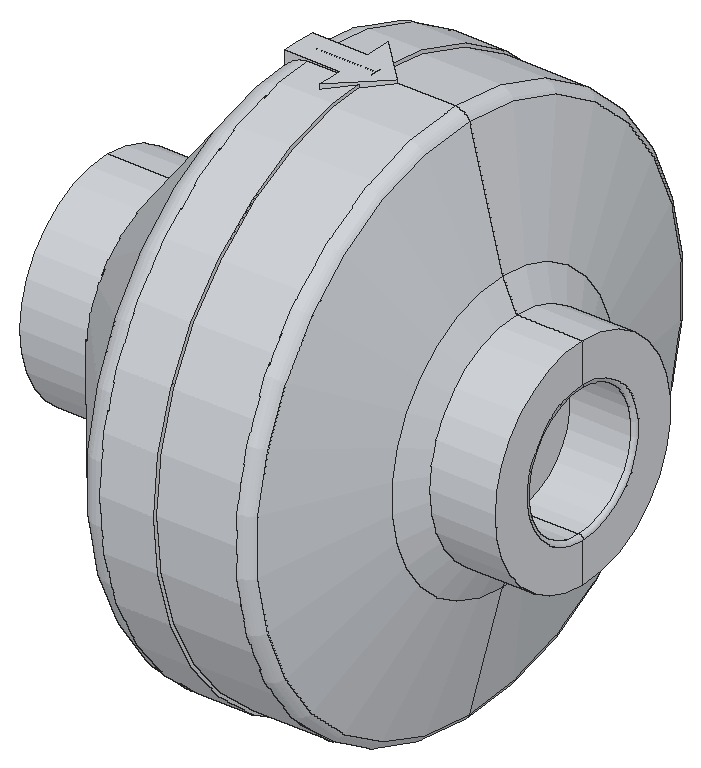
Revit family "1.Радиальный вентилятор для круглых каналов WNK", category Оборудование, Revit 2016
Family settings
  Тип детали = Нормальный
  Размер круглого соединителя = Использовать диаметр
  На основе рабочей плоскости = Нет
  Всегда вертикально = Да
  При загрузке вырезать с полостями = Нет
  Общий = Нет
  Точка расчета площади = Нет
Parameters (values of type "100/1")
  ножки(да/нет) [instance] = no
  Частотный преобразователь [instance] = no
  Частота вращения n, об/мин = "2450"
  Тип, марка, обозначение = "WNK 100/1"
  Сила тока J, А = "0.27"
  Регулятор расхода [instance] = no
  Раздел = "ОВ"
  Примечание = ""
  Позиция = ""
  Отступ = 30 mm
  Напряжение U,В = "1-220"
  Наименование и тех.хар-ка = "Радиальный вентилятор для круглых каналов"  # constant formula
  Мощность двигателя N,Вт = "0.06"
  Материал = Сталь серая
  Масса единицы = "2.6 кг"
  x = r * 0.6  # 29.7 mm
  r = d / 2  # 49.5 mm
  d = 99 mm
  Код, оборудования = ""
  Ключевая пометка = "Вентиляция"
  Задание электрикам [instance] = no
  Задание автоматчикам [instance] = no
  Завод изготовитель = "KORF"  # constant formula
  Единица измерения = "шт."  # constant formula
  R = D / 2  # 125.5 mm
  L = 215 mm
  D = 251 mm
Types (6, lengths in mm): name | Частота вращения n, об/мин | Тип, марка, обозначение | Сила тока J, А | Мощность двигателя N,Вт | Масса единицы | x | r | d | R | L | D
  100/1 | "2450" | "WNK 100/1" | "0.27" | "0.06" | "2.6 кг" | 29.7 | 49.5 | 99 | 125.5 | 215 | 251
  125/1 | "2450" | "WNK 125/1" | "0.33" | "0.071" | "2.65 кг" | 37.2 | 62 | 124 | 125.5 | 220 | 251
  160/1 | "2550" | "WNK 160/1" | "0.48" | "0.105" | "4 кг" | 47.7 | 79.5 | 159 | 170 | 230 | 340
  200/1 | "2600" | "WNK 200/1" | "0.72" | "0.157" | "4.6 кг" | 59.7 | 99.5 | 199 | 170 | 250 | 340
  250/1 | "2500" | "WNK 250/1" | "1.05" | "0.23" | "5 кг" | 74.7 | 124.5 | 249 | 170 | 250 | 340
  315/1 | "2500" | "WNK 315/1" | "1.34" | "0.295" | "6.6 кг" | 94.2 | 157 | 314 | 202.5 | 285 | 405
Reference planes
  plane 1 "По центру (Вперед/Назад)": y = 0
  plane 2: z = 0
  plane 3 "По центру (Влево/Вправо)": x = 0
  plane 4: x = -107.5
  plane 5: x = 107.5
  plane 6: x = -77.5
  plane 7: x = 77.5
  plane 8: z = 49.5
  plane 9: z = 125.5
  plane 10: y = 45
  plane 11: y = -45
  plane 12: z = 29.7
  plane 13: z = 110.5
  plane 14: y = 125.5
  plane 15: y = -125.5
  plane 16: z = -125.5
  plane 17: z = 125.5
Forms (mm)
  Extrusion 1, void, not visible
    sketch origin (-345, -245, 50) x (0, -1, 0) y (0, 0, -1)
      loop
        line (-477.965, -475) -> (-477.965, -450) -> (-528.913, -450) -> (-528.913, -475) -> (-477.965, -475)
    from -47.452 to 12
  Revolve 2, solid, detail levels fine
    sketch origin (0, 0, 0) x (1, 0, 0) y (0, 0, 1)
      loop
        arc (-107.5, 31.659) -> (-106.926, 30.274) -> (-105.541, 29.7) r 1.959
        line (-105.541, 29.7) -> (-77.5, 29.7) -> (-77.5, 0) -> (77.5, 0) -> (77.5, 29.7) -> (105.6, 29.7)
        arc (105.6, 29.7) -> (106.943, 30.257) -> (107.5, 31.6) r 1.9
        line (107.5, 31.6) -> (107.5, 49.5) -> (77.5, 49.5) -> (71.161, 63.095) -> (56.234, 120.196)
        arc (56.234, 120.196) -> (53.585, 123.105) -> (49.801, 124.182) r 7.184
        line (49.801, 124.182) -> (13.779, 124.182) -> (13.779, 125.5) -> (-10.565, 125.5)
        arc (-10.565, 125.5) -> (-15.705, 124.376) -> (-19.907, 121.209) r 12.315
        line (-19.907, 121.209) -> (-77.863, 49.5) -> (-107.5, 49.5) -> (-107.5, 31.659)
      axis (107.5, 0) -> (-107.5, 0)
    angle from 0 to 360
  Extrusion 3, solid, not visible
    sketch origin (5, 0, 2.041) x (0, 1, 0) y (0, 0, 1)
      loop
        line (45, 112.959) -> (-45, 112.959) -> (-45, 82.959) -> (45, 82.959) -> (45, 112.959)
    from 0 to -69.911
  Extrusion 4, solid, not visible
    sketch origin (5, -2.888, -8.59) x (0, 0.352122, 0.935954) y (0, -0.935954, 0.352122)
      loop
        line (45, 114.532) -> (-19.8, 114.532) -> (-19.8, 90.2) -> (45, 90.2) -> (45, 114.532)
    from 0 to -69.911
  Sweep 5, solid, not visible
    path origin (5, 0, -1.25) x (0, 1, 0) y (0, 0, 1)
      loop
        line (-45, 97.266) -> (-60.734, 97.266)
        arc (-60.734, 97.266) -> (-72.348, 93.548) -> (-79.645, 83.777) r 20
        line (-79.645, 83.777) -> (-105.929, 7.442)
    profile origin (5, -52.867, 96.016) x (0, 0, -1) y (1, 0, 0)
      loop
        circle (0, -63.75) r 3
  Extrusion 6, solid, not visible
    sketch origin (0, 0, 47.041) x (0, 1, 0) y (0, 0, 1)
      loop
        line (45, 112.959) -> (-45, 112.959) -> (-45, 82.959) -> (45, 82.959) -> (45, 112.959)
    from 0 to -93.323
  Extrusion 7, solid, not visible
    sketch origin (0, -40.257, 23.842) x (0, 0.679881, 0.733322) y (0, -0.733322, 0.679881)
      loop
        line (45, 114.532) -> (-19.8, 114.532) -> (-19.8, 90.2) -> (45, 90.2) -> (45, 114.532)
    from 0 to -93.323
  Sweep 8, solid, not visible
    path origin (0, 0, 43.75) x (0, 1, 0) y (0, 0, 1)
      loop
        line (-45, 97.266) -> (-54.952, 97.266)
        arc (-54.952, 97.266) -> (-71.221, 93.808) -> (-84.677, 84.031) r 40
        line (-84.677, 84.031) -> (-132.472, 30.95)
    profile origin (0, -49.976, 141.016) x (0, 0, -1) y (1, 0, 0)
      loop
        circle (0, -63.75) r 3
  Extrusion 9, solid, detail levels fine
    sketch origin (0, 0, 0) x (1, 0, 0) y (0, 1, 0)
      loop
        line (23.125, 0) -> (3.823, 19.302) -> (3.823, 14.302) -> (3.823, 7.861) -> (-21.177, 7.861) -> (-21.177, 0) -> (-21.177, -7.861) -> (3.823, -7.861) -> (3.823, -14.302) -> (3.823, -19.302) -> (23.125, 0)
    from 0 to 125.5
Lines and regions (mm)
  model lines, detail levels coarse
    curve 1: line (-107.5, 125.5, 0) -> (107.5, 125.5, 0)
    curve 2: line (-107.5, -125.5, 0) -> (-107.5, 125.5, 0)
    curve 3: line (107.5, -125.5, 0) -> (-107.5, -125.5, 0)
    curve 4: line (107.5, 125.5, 0) -> (107.5, -125.5, 0)
    curve 5: circle (0, 0, 0) r 95 normal (0, 0, 1)
    curve 6: line (95, 0, 0) -> (-55.84, 76.857, 0)
    curve 7: line (-55.84, 76.857, 0) -> (-55.84, -76.857, 0)
    curve 8: line (-55.84, -76.857, 0) -> (95, 0, 0)
  model lines, not visible, detail levels coarse
    curve 9: circle (0, 0, 0) r 95 normal (0, 0, 1)
    curve 10: line (95, 0, 0) -> (-55.84, 76.857, 0)
    curve 11: line (-55.84, 76.857, 0) -> (-55.84, -76.857, 0)
    curve 12: line (-55.84, -76.857, 0) -> (95, 0, 0)
  model lines, detail levels medium
    curve 13: line (-107.5, 0, 125.5) -> (107.5, 0, 125.5)
    curve 14: line (-107.5, 0, -125.5) -> (-107.5, 0, 125.5)
    curve 15: line (107.5, 0, -125.5) -> (-107.5, 0, -125.5)
    curve 16: line (107.5, 0, 125.5) -> (107.5, 0, -125.5)
    curve 17: circle (0, 0, 0) r 75 normal (0, -1, 0)
    curve 18: line (75, 0, 0) -> (-46.678, 0, 58.704)
    curve 19: line (-47.5, 0, 58.041) -> (-47.5, 0, -58.041)
    curve 20: line (-46.678, 0, -58.704) -> (75, 0, 0)
  model lines, not visible, detail levels medium
    curve 21: circle (0, 0, 0) r 75 normal (0, -1, 0)
    curve 22: line (75, 0, 0) -> (-46.678, 0, 58.704)
    curve 23: line (-47.5, 0, 58.041) -> (-47.5, 0, -58.041)
    curve 24: line (-46.678, 0, -58.704) -> (75, 0, 0)
Dimensions and locks
  equal spacing: plane 5, plane 3 "По центру (Влево/Вправо)", plane 4
  "L": plane 5 to plane 4
  "Отступ": plane 6 to plane 4
  "Отступ": plane 5 to plane 7
  "r": plane 8 to level
  "R": plane 9 to level
  equal spacing: plane 10, plane 1 "По центру (Вперед/Назад)", plane 11
  plane 10 to plane 11 = 90 mm
  "x": plane 12 to level
  plane 9 to plane 13 = 15 mm
  locked: Extrusion 4 sketch curve to Extrusion 4 sketch curve at 24.332
  locked: Extrusion 4 sketch curve to Extrusion 4 sketch curve at 64.8
  locked: Extrusion 3 sketch curve to Extrusion 3 sketch curve at 30
  locked: Extrusion 7 sketch curve to Extrusion 7 sketch curve at 24.332
  locked: Extrusion 7 sketch curve to Extrusion 7 sketch curve at 64.8
  locked: Extrusion 6 sketch curve to Extrusion 6 sketch curve at 30
  equal spacing: plane 14, plane 1 "По центру (Вперед/Назад)", plane 15
  "D": plane 14 to plane 15
  equal spacing: plane 17, level, plane 16
  "D": plane 17 to plane 16
  aligned and locked: level to plane 2
  aligned and locked: plane 4 to Revolve 2 sketch curve
  aligned and locked: Revolve 2 sketch curve to plane 5
  aligned and locked: Revolve 2 sketch curve to plane 8  (x2)
  aligned and locked: Revolve 2 sketch curve to plane 9
  aligned and locked: Revolve 2 sketch curve to plane 12
  aligned and locked: plane 12 to Revolve 2 sketch curve
  aligned and locked: plane 9 to Extrusion 9
  aligned and locked: curve 1 to plane 14
  aligned and locked: plane 4 to curve 2
  aligned and locked: curve 3 to plane 15
  aligned and locked: curve 4 to plane 5
  aligned and locked: plane 17 to curve 13
  aligned and locked: plane 4 to curve 14
  aligned and locked: curve 15 to plane 16
  aligned and locked: curve 16 to plane 5
Automatic sketch dimensions
  Sweep 5 sketch curve to Sweep 5 sketch curve = 18.91 mm
  Sweep 5 sketch curve to Sweep 5 sketch curve = 6.511 mm
  Sweep 5 sketch curve to profile plane = 0 mm
  Extrusion 3 sketch curve to Extrusion 3 sketch curve = 90 mm
  Sweep 5 sketch curve to Sweep 5 sketch curve = 26.284 mm
  Sweep 5 sketch curve to Sweep 5 sketch curve = 15.734 mm
  Sweep 5 sketch curve to Sweep 5 sketch curve = 76.336 mm
  Sweep 5 sketch curve to profile plane = 63.75 mm
  Sweep 8 sketch curve to profile plane = 0 mm
  Extrusion 6 sketch curve to Extrusion 6 sketch curve = 90 mm
  Sweep 8 sketch curve to profile plane = 63.75 mm
  Sweep 8 sketch curve to Sweep 8 sketch curve = 29.726 mm
  Sweep 8 sketch curve to Sweep 8 sketch curve = 47.795 mm
  Sweep 8 sketch curve to Sweep 8 sketch curve = 26.765 mm
  Sweep 8 sketch curve to Sweep 8 sketch curve = 9.952 mm
  Sweep 8 sketch curve to Sweep 8 sketch curve = 53.081 mm
  Revolve 2 sketch curve to level = 0 mm  (x2)
  Revolve 2 sketch curve to plane 6 = 0 mm
  Revolve 2 sketch curve to plane 7 = 0 mm  (x2)
  Revolve 2 sketch curve to Revolve 2 sketch curve = 1.959 mm
  Revolve 2 sketch curve to plane 6 = 0.363 mm
  Revolve 2 sketch curve to plane 9 = 4.291 mm
  Revolve 2 sketch curve to plane 3 "По центру (Влево/Вправо)" = 19.907 mm
  Revolve 2 sketch curve to Revolve 2 sketch curve = 9.342 mm
  Revolve 2 sketch curve to plane 9 = 1.318 mm
  plane 3 "По центру (Влево/Вправо)" to Revolve 2 sketch curve = 13.779 mm
  Revolve 2 sketch curve to plane 7 = 27.699 mm
  Revolve 2 sketch curve to plane 9 = 5.304 mm
  Revolve 2 sketch curve to Revolve 2 sketch curve = 6.433 mm
  Revolve 2 sketch curve to plane 5 = 1.9 mm
  Revolve 2 sketch curve to plane 4 = 60 mm
  Revolve 2 sketch curve to plane 7 = 6.339 mm
  plane 5 to Revolve 2 sketch curve = 40 mm
  plane 8 to Revolve 2 sketch curve = 13.595 mm
  plane 1 "По центру (Вперед/Назад)" to Extrusion 9 sketch curve = 0 mm  (x2)
  Extrusion 9 sketch curve to plane 3 "По центру (Влево/Вправо)" = 21.177 mm
  plane 3 "По центру (Влево/Вправо)" to Extrusion 9 sketch curve = 3.823 mm  (x2)
  Extrusion 9 sketch curve to Extrusion 9 sketch curve = 19.302 mm
  plane 1 "По центру (Вперед/Назад)" to Extrusion 9 sketch curve = 7.861 mm
  Extrusion 9 sketch curve to Extrusion 9 sketch curve = 6.441 mm
  Extrusion 9 sketch curve to Extrusion 9 sketch curve = 5 mm  (x2)
  Extrusion 9 sketch curve to plane 1 "По центру (Вперед/Назад)" = 7.861 mm
  curve 17 to curve 20 = 75 mm
  curve 17 to curve 18 = 0 mm
  curve 20 to curve 17 = 46.678 mm
  curve 18 to curve 17 = 46.678 mm
  curve 19 to curve 20 = 0.822 mm
  curve 21 to curve 24 = 75 mm
  curve 21 to curve 22 = 0 mm
  curve 24 to curve 21 = 46.678 mm
  curve 22 to curve 21 = 46.678 mm
  curve 23 to curve 24 = 0.822 mm
  radius of Sweep 5 sketch curve = 3 mm
  radius of Sweep 8 sketch curve = 3 mm
Nested families
  nested 1: "крепление 15мм" at (-330, 229.965, 495), type "крепление 15мм", not visible
Connectors
  hvac at (107.5, 0, 0), driven by "d"
    settings: on Revolve 2, index 1, duct flow 0.0 L/s, flow factor 0, pres drop 0.0 Pa, loss coef 0, conn angle 0.00°, conn width 304.8 mm, conn height 304.8 mm, conn diameter 99 mm, duct sys type 28, conn prof type 0, flow config 0, flow direction 0, loss method 0, conn ref index 2, conn util no, is conn primary yes, conn desc ""
  hvac at (-107.5, 0, 0), driven by "d"
    settings: on Revolve 2, index 2, duct flow 0.0 L/s, flow factor 0, pres drop 0.0 Pa, loss coef 0, conn angle 0.00°, conn width 304.8 mm, conn height 304.8 mm, conn diameter 99 mm, duct sys type 28, conn prof type 0, flow config 0, flow direction 0, loss method 0, conn ref index 1, conn util no, is conn primary no, conn desc ""
Definition of nested family "крепление 15мм"
  Parameters (values of type "крепление 15мм")
    Материал крепления = none
  Reference planes
    plane 1 "По центру (Вперед/Назад)": y = 0
    plane 2: z = 0
    plane 3 "По центру (Влево/Вправо)": x = 0
  Forms (mm)
    Extrusion 1, solid, material <- "Материал крепления"
      sketch origin (0, 0, 0) x (1, 0, 0) y (0, 1, 0)
        loop
          line (-25, 0) -> (0, 0) -> (0, 18.31) -> (0, 25) -> (-3, 25) -> (-3, 3) -> (-25, 3) -> (-25, 0)
      from 0 to 30
    Extrusion 2, void
      sketch origin (0, 0, 0) x (1, 0, 0) y (0, 1, 0)
        loop
          line (-3, 3) -> (-3, 54.96) -> (-58, 54.96) -> (-58, 3) -> (-3, 3)
      from 0 to 15
  Cuts and joins
    Extrusion 2 cuts Extrusion 1
  Dimensions and locks
    Extrusion 1 sketch curve to Extrusion 1 sketch curve = 3 mm  (x2)
    Extrusion 1 sketch curve to Extrusion 1 sketch curve to plane 3 "По центру (Влево/Вправо)" = 25 mm, 0 mm
    Extrusion 1 sketch curve to Extrusion 1 sketch curve = 25 mm
    aligned and locked: level to plane 2
